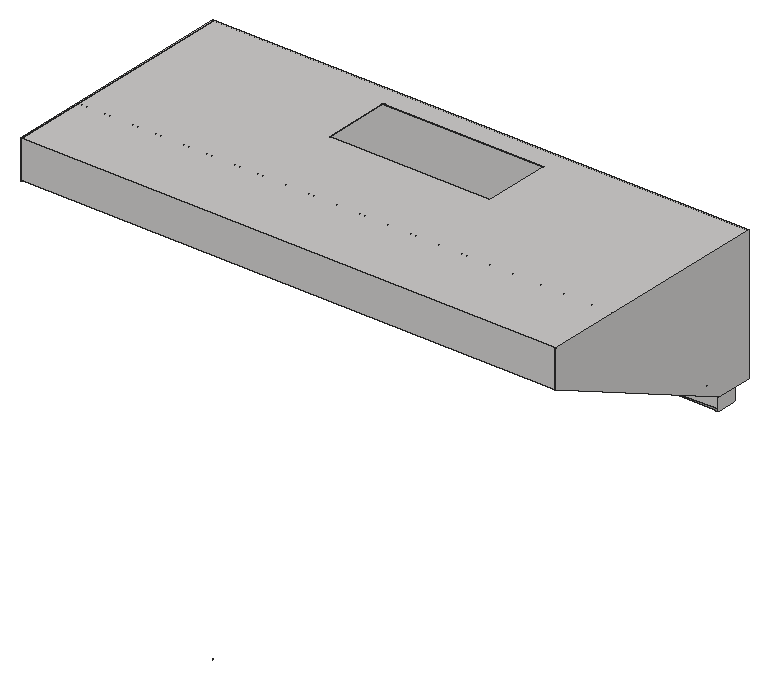
Revit family "QF_ELECTROLUXPROFESSIONAL_642288_MP920BT", category Specialty Equipment, Revit 2014
Reference planes
  plane 1: z = 0
  plane 2 "Center (Left/Right)": x = 150
  plane 3 "LEFT": x = -850
  plane 4 "RIGHT": x = 1150
  plane 5 "BACK": y = 550
  plane 6 "Plane": z = 2000
  plane 7 "TOP": z = 2140
  plane 8 "Base": z = 1640
  plane 9: z = 1566
  plane 10 "DrainY": y = 485
  plane 11: x = -847
  plane 12: through (0, 414.509, 1640.8) normal (0, 0.7314, 0.682)
  plane 13: y = 470
  plane 14: y = 220
  plane 15 "DrainX": x = 1030
  plane 16: x = -150
  plane 17: x = 450
  plane 18: x = 1147
  plane 19: x = 940
  plane 20: x = 1120
  plane 21: x = -810
  plane 22: x = 1110
  plane 23: x = -47.5
  plane 24: x = 347.5
  plane 25 "FRONT": y = -350
  plane 26 "Center (Front/Back)": y = 100
Forms (mm)
  Extrusion 1, solid, material "QF_Finishes_Stainless Steel"
    sketch origin (-850, 0, 0) x (0, 1, 0) y (0, 0, 1)
      loop
        line (550, 1640) -> (550, 2140) -> (-350, 2140) -> (-350, 1998.736) -> (413.973, 1640) -> (550, 1640)
    from 0 to 3
  Extrusion 2, solid, material "QF_Finishes_Stainless Steel"
    sketch origin (150, 0, 0) x (0, 1, 0) y (0, 0, 1)
      loop
        line (415.255, 1640) -> (550, 1640) -> (550, 2139.19) -> (549.2, 2139.19) -> (549.2, 1640.8) -> (415.876, 1640.8) -> (339.347, 1722.867) -> (349.609, 1732.436) -> (348.927, 1733.167) -> (337.934, 1722.917) -> (415.255, 1640)
      loop
        line (-82.203, 2139.19) -> (-82.203, 2118.6) -> (-31.047, 2118.6) -> (34.354, 2048.466) -> (46.028, 2059.352) -> (45.346, 2060.083) -> (34.403, 2049.879) -> (-30.612, 2119.6) -> (-81.203, 2119.6) -> (-81.203, 2139.19) -> (-82.203, 2139.19)
    from -997 to 997
  Extrusion 3, solid, material "QF_Finishes_Stainless Steel"
    sketch origin (1150, 0, 0) x (0, 1, 0) y (0, 0, 1)
      loop
        line (550, 1640) -> (550, 2140) -> (-350, 2140) -> (-350, 1998.736) -> (413.973, 1640) -> (550, 1640)
    from 0 to -3
  Extrusion 4, solid, material "QF_Finishes_Stainless Steel"
    sketch origin (150, 0, 0) x (0, 1, 0) y (0, 0, 1)
      loop
        line (-350, 2140) -> (-350, 2000) -> (-349.2, 2000) -> (-349.2, 2139.19) -> (550, 2139.19) -> (550, 2140) -> (-350, 2140)
    from -1000 to 1000
  Extrusion 5, solid, material "QF_Finishes_Stainless Steel"
    sketch origin (150, 0, 0) x (0, 1, 0) y (0, 0, 1)
      loop
        line (534, 1640) -> (436, 1640) -> (436, 1627) -> (443.5, 1627) -> (443.5, 1576)
        arc (443.5, 1576) -> (446.429, 1568.929) -> (453.5, 1566) r 10
        line (453.5, 1566) -> (516.5, 1566)
        arc (516.5, 1566) -> (523.571, 1568.929) -> (526.5, 1576) r 10
        line (526.5, 1576) -> (526.5, 1627) -> (534, 1627) -> (534, 1640)
    from 790 to 970
  Extrusion 6, solid, material "QF_Finishes_Stainless Steel"
    sketch origin (0, 0, 1640) x (0, 1, 0) y (-1, 0, 0)
      loop
        circle (485, -1030) r 20
    from -76 to -74
  Extrusion 7, solid, material "QF_Finished_Chrome"
    sketch origin (150, 0, 0) x (0, 1, 0) y (0, 0, 1)
      loop
        line (337.934, 1722.917) -> (341.591, 1726.327) -> (38.011, 2051.876) -> (34.354, 2048.466) -> (337.934, 1722.917)
    from -197.5 to -960
  Extrusion 8, solid, material "QF_Finishes_Stainless Steel"
    sketch origin (150, 0, 0) x (0, 1, 0) y (0, 0, 1)
      loop
        line (337.934, 1722.917) -> (341.591, 1726.327) -> (38.011, 2051.876) -> (34.354, 2048.466) -> (337.934, 1722.917)
    from 997 to 960
  Extrusion 9, solid, material "QF_Finished_Chrome"
    sketch origin (150, 0, 0) x (0, 1, 0) y (0, 0, 1)
      loop
        line (341.588, 1726.324) -> (38.009, 2051.874) -> (34.354, 2048.466) -> (337.934, 1722.917) -> (341.588, 1726.324)
    from 197.5 to 960
  Extrusion 10, void
    sketch origin (0, 0, 2140) x (0, 1, 0) y (-1, 0, 0)
      loop
        line (470, -450) -> (470, 150) -> (220, 150) -> (220, -450) -> (470, -450)
    from 0 to -10
  Extrusion 11, solid, material "QF_Finishes_Stainless Steel"
    sketch origin (0, 0, 0) x (1, 0, 0) y (0, 1, 0)
      loop
        line (-850, 550) -> (-850, 549) -> (-849, 549) -> (-849, 550) -> (-850, 550)
    from 0 to 1
  Extrusion 12, solid, material "QF_Finishes_Stainless Steel"
    sketch origin (150, 0, 0) x (0, 1, 0) y (0, 0, 1)
      loop
        line (337.934, 1722.917) -> (341.591, 1726.327) -> (38.011, 2051.876) -> (34.354, 2048.466) -> (337.934, 1722.917)
    from -960 to -997
  Extrusion 13, solid, material "QF_Finishes_Stainless Steel"
    sketch origin (150, 0, 0) x (0, 1, 0) y (0, 0, 1)
      loop
        line (337.934, 1722.917) -> (341.591, 1726.327) -> (38.011, 2051.876) -> (34.354, 2048.466) -> (337.934, 1722.917)
    from 197.5 to -197.5
Cuts and joins
  Extrusion 10 cuts Extrusion 4
  joined: Extrusion 2, Extrusion 4
Lines and regions (mm)
  reference lines
    curve 1: line (150, 34.354, 2048.466) -> (150, 34.354, 1888.466)
  symbolic lines, style "SpecialityEquipment", detail levels coarse
    curve 2: line (1150, 550, 2140) -> (-850, 550, 2140)
    curve 3: line (-850, 550, 2140) -> (-850, -350, 2140)
    curve 4: line (1150, -350, 2140) -> (1150, 550, 2140)
    curve 5: line (-850, -350, 2140) -> (1150, -350, 2140)
    curve 6: line (450, 220, 2140) -> (-150, 220, 2140)
    curve 7: line (450, 470, 2140) -> (450, 220, 2140)
    curve 8: line (-150, 470, 2140) -> (450, 470, 2140)
    curve 9: line (-150, 220, 2140) -> (-150, 470, 2140)
    curve 10: line (-850, 550, 0) -> (1150, -350, 0)
    curve 11: line (1150, 550, 0) -> (-850, -350, 0)
Dimensions and locks
  plane 3 "LEFT" to plane 4 "RIGHT" = 2000 mm
  equal spacing: plane 3 "LEFT", plane 2 "Center (Left/Right)", plane 4 "RIGHT"
  locked: plane 6 "Plane" to level at 2000
  plane 7 "TOP" to plane 6 "Plane" = 140 mm
  locked: plane 7 "TOP" to plane 8 "Base" at 500
  plane 8 "Base" to plane 9 = 74 mm
  plane 5 "BACK" to plane 10 "DrainY" = 65 mm  (x2)
  plane 3 "LEFT" to plane 11 = 3 mm
  plane 5 "BACK" to plane 13 = 80 mm
  plane 13 to plane 14 = 250 mm  (x2)
  plane 15 "DrainX" to plane 4 "RIGHT" = 120 mm
  plane 18 to plane 4 "RIGHT" = 3 mm
  locked: plane 19 to plane 15 "DrainX" at 90
  locked: plane 15 "DrainX" to plane 20 at 90
  plane 13 to plane 5 "BACK" = 80 mm
  locked: plane 3 "LEFT" to plane 21 at 40
  locked: plane 22 to plane 4 "RIGHT" at 40
  locked: plane 23 to plane 24 at 395
  equal spacing: plane 23, plane 2 "Center (Left/Right)", plane 24
  locked: plane 16 to plane 17 at 600
  equal spacing: plane 16, plane 2 "Center (Left/Right)", plane 17
  plane 5 "BACK" to plane 25 "FRONT" = 900 mm  (x2)
  equal spacing: plane 5 "BACK", plane 26 "Center (Front/Back)", plane 25 "FRONT"
  aligned and locked: level to plane 1
  aligned and locked: Extrusion 2 to Extrusion 1
  aligned and locked: Extrusion 2 to Extrusion 3
  aligned and locked: plane 4 "RIGHT" to Extrusion 4
  aligned and locked: Extrusion 4 to plane 3 "LEFT"
  aligned and locked: plane 18 to Extrusion 8
  aligned and locked: Extrusion 10 to plane 16
  aligned and locked: Extrusion 10 to plane 14
  aligned and locked: Extrusion 10 to plane 13
  aligned and locked: Extrusion 2 to Extrusion 4
  aligned and locked: plane 20 to Extrusion 5
  aligned and locked: Extrusion 5 to plane 19
  aligned and locked: Extrusion 8 to plane 22
  aligned and locked: Extrusion 9 to plane 22
  aligned and locked: Extrusion 7 to plane 21
  aligned and locked: Extrusion 12 to plane 11
  aligned and locked: plane 21 to Extrusion 12
  aligned and locked: Extrusion 3 to plane 18
  aligned and locked: Extrusion 10 to plane 17
  aligned and locked: plane 17 to curve 7
  aligned and locked: plane 24 to Extrusion 13
  aligned and locked: Extrusion 13 to plane 23
  aligned and locked: Extrusion 9 to plane 24
Automatic sketch dimensions
  curve 5 to plane 4 "RIGHT" = 0 mm
  curve 6 to plane 14 = 0 mm
  plane 13 to curve 8 = 0 mm
  curve 3 to plane 3 "LEFT" = 0 mm
  curve 3 to plane 5 "BACK" = 0 mm
  curve 6 to plane 16 = 0 mm
  Extrusion 2 sketch curve to plane 12 = 0 mm  (x3)
  Extrusion 2 sketch curve to plane 8 "Base" = 0 mm
  plane 12 to Extrusion 2 sketch curve = 0 mm
  Extrusion 2 sketch curve to plane 5 "BACK" = 0 mm
  Extrusion 2 sketch curve to Extrusion 2 sketch curve = 65.646 mm
  Extrusion 2 sketch curve to Extrusion 2 sketch curve = 0.682 mm  (x2)
  Extrusion 2 sketch curve to Extrusion 2 sketch curve = 10.261 mm
  plane 8 "Base" to Extrusion 2 sketch curve = 82.917 mm
  Extrusion 2 sketch curve to Extrusion 2 sketch curve = 10.942 mm
  Extrusion 2 sketch curve to Extrusion 2 sketch curve = 0.049 mm
  Extrusion 2 sketch curve to plane 7 "TOP" = 20.4 mm
  Extrusion 2 sketch curve to plane 7 "TOP" = 21.4 mm
  Extrusion 2 sketch curve to plane 7 "TOP" = 0.81 mm  (x2)
  Extrusion 2 sketch curve to Extrusion 2 sketch curve = 50.156 mm
  Extrusion 2 sketch curve to Extrusion 2 sketch curve = 1 mm
  plane 8 "Base" to Extrusion 2 sketch curve = 0.8 mm
  Extrusion 2 sketch curve to plane 5 "BACK" = 0.8 mm
  Extrusion 4 sketch curve to plane 6 "Plane" = 0 mm
  Extrusion 4 sketch curve to plane 5 "BACK" = 0 mm
  Extrusion 4 sketch curve to plane 7 "TOP" = 0 mm
  Extrusion 4 sketch curve to plane 7 "TOP" = 0.81 mm
  curve 1 to plane 12 = 0 mm
  curve 1 to plane 6 "Plane" = 111.534 mm
  Extrusion 5 sketch curve to plane 8 "Base" = 0 mm
  Extrusion 5 sketch curve to plane 9 = 0 mm
  Extrusion 5 sketch curve to plane 8 "Base" = 13 mm  (x2)
  plane 13 to Extrusion 5 sketch curve = 34 mm
  Extrusion 5 sketch curve to Extrusion 5 sketch curve = 7.5 mm  (x2)
  Extrusion 5 sketch curve to Extrusion 5 sketch curve = 10 mm
  plane 10 "DrainY" to Extrusion 5 sketch curve = 31.5 mm
  Extrusion 5 sketch curve to plane 5 "BACK" = 23.5 mm
  Extrusion 6 sketch curve to plane 10 "DrainY" = 0 mm
  Extrusion 6 sketch curve to plane 15 "DrainX" = 0 mm
  Extrusion 7 sketch curve to plane 12 = 0 mm  (x2)
  Extrusion 7 sketch curve to Extrusion 7 sketch curve = 3.657 mm
  plane 8 "Base" to Extrusion 7 sketch curve = 82.917 mm
  Extrusion 8 sketch curve to plane 12 = 0 mm  (x2)
  Extrusion 8 sketch curve to Extrusion 8 sketch curve = 3.657 mm
  plane 8 "Base" to Extrusion 8 sketch curve = 82.917 mm
  Extrusion 9 sketch curve to plane 12 = 0 mm  (x2)
  Extrusion 9 sketch curve to Extrusion 9 sketch curve = 3.655 mm
  plane 8 "Base" to Extrusion 9 sketch curve = 82.917 mm
  Extrusion 10 sketch curve to plane 14 = 0 mm
  plane 13 to Extrusion 10 sketch curve = 0 mm
  Extrusion 10 sketch curve to plane 17 = 0 mm
  Extrusion 10 sketch curve to plane 16 = 0 mm
  Extrusion 11 sketch curve to plane 3 "LEFT" = 0 mm
  Extrusion 11 sketch curve to plane 5 "BACK" = 0 mm
  plane 3 "LEFT" to Extrusion 11 sketch curve = 1 mm
  Extrusion 11 sketch curve to Extrusion 11 sketch curve = 1 mm
  Extrusion 12 sketch curve to plane 12 = 0 mm  (x2)
  Extrusion 12 sketch curve to Extrusion 12 sketch curve = 3.657 mm
  plane 8 "Base" to Extrusion 12 sketch curve = 82.917 mm
  Extrusion 13 sketch curve to plane 12 = 0 mm  (x2)
  Extrusion 13 sketch curve to Extrusion 13 sketch curve = 3.657 mm
  plane 8 "Base" to Extrusion 13 sketch curve = 82.917 mm
  Extrusion 4 sketch curve to Extrusion 4 sketch curve = 0.8 mm
  curve 5 to plane 14 = 570 mm
  plane 6 "Plane" to Extrusion 2 sketch curve = 48.466 mm
  Extrusion 4 sketch curve to plane 14 = 569.2 mm
  curve 1 to plane 14 = 185.646 mm
  plane 6 "Plane" to Extrusion 7 sketch curve = 51.876 mm
  plane 6 "Plane" to Extrusion 8 sketch curve = 51.876 mm
  plane 6 "Plane" to Extrusion 9 sketch curve = 51.874 mm
  plane 6 "Plane" to Extrusion 12 sketch curve = 51.876 mm
  plane 6 "Plane" to Extrusion 13 sketch curve = 51.876 mm
  Extrusion 3 sketch curve to plane 7 "TOP" = 0 mm
  Extrusion 3 sketch curve to plane 8 "Base" = 0 mm
  Extrusion 3 sketch curve to plane 5 "BACK" = 0 mm
  Extrusion 3 sketch curve to plane 25 "FRONT" = 0 mm
  plane 13 to Extrusion 3 sketch curve = 56.027 mm
  Extrusion 3 sketch curve to plane 6 "Plane" = 1.264 mm
  Extrusion 1 sketch curve to plane 7 "TOP" = 0 mm
  Extrusion 1 sketch curve to plane 8 "Base" = 0 mm
  Extrusion 1 sketch curve to plane 12 = 0.937 mm
  Extrusion 1 sketch curve to plane 5 "BACK" = 0 mm
  Extrusion 1 sketch curve to plane 25 "FRONT" = 0 mm
  Extrusion 1 sketch curve to plane 6 "Plane" = 1.264 mm
  curve 11 to plane 3 "LEFT" = 0 mm
  curve 10 to plane 3 "LEFT" = 0 mm
  curve 11 to plane 4 "RIGHT" = 0 mm
  curve 10 to plane 4 "RIGHT" = 0 mm
  curve 10 to plane 25 "FRONT" = 0 mm
  curve 11 to plane 25 "FRONT" = 0 mm
  curve 11 to plane 5 "BACK" = 0 mm
  curve 10 to plane 5 "BACK" = 0 mm
  radius of Extrusion 6 sketch curve = 20 mm
Connectors
  piping at (1030, 485, 1564), diameter 20
    settings: on Extrusion 6, index 1, connector inside diameter 609.6 mm, connector length 0 mm, flow factor 0, pipe flow 0.0 L/s, pressure drop 0.0 Pa, fitting loss kfactor 0, connector angle 0.00°, fixture units 0, engagement length 0 mm, angle of deflection 0.00°, flow configuration 1, flow direction 2, fitting loss method 0, system type 16, joint type 0, gender type 0, connector reference index -1, connector utility 0, adjustable connector no, is connector primary yes, connector description "Drain"
  hvac at (150, 345, 2140)
    settings: on Extrusion 10, index 2, duct flow 0.0 L/s, flow factor 0, pres drop 0.0 Pa, loss coef 0, conn angle 0.00°, conn width 250 mm, conn height 600 mm, conn diameter 609.6 mm, duct sys type 3, conn prof type 1, flow config 0, flow direction 2, loss method 0, conn ref index -1, conn util no, is conn primary yes, conn desc "EXHAUST OUTLET"
